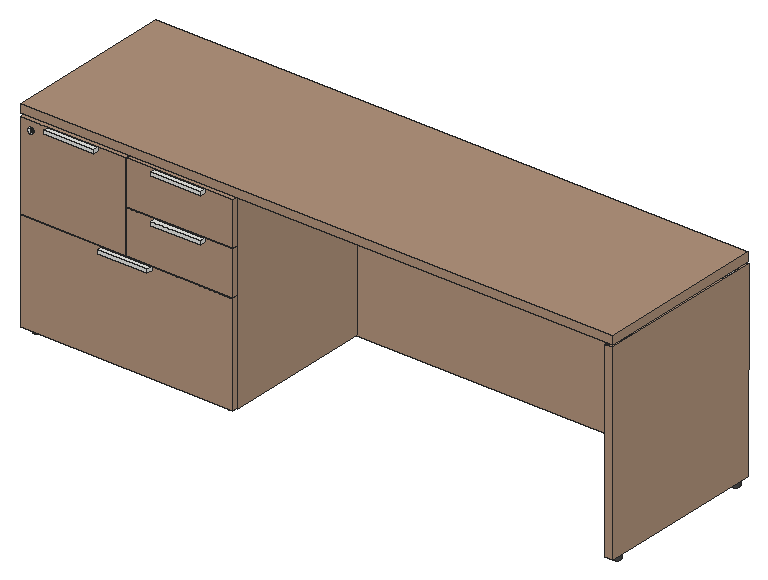
Revit family "Returns_&_Credenzas-Teknion-B_ZUC_Credenza_With_Single_Combo_Pedestal-R2019", category Furniture, Revit 2019
Family settings
  OmniClass Number = 23.40.20.00
  OmniClass Title = General Furniture and Specialties
  Work Plane-Based = No
  Always vertical = Yes
  Cut with Voids When Loaded = No
  Shared = Yes
  Room Calculation Point = No
Parameters (values of type "1 3/16" Worksurface Thickness, Flush, Full Modesty Panel")
  Worksurface Thickness = 1.189"
  Worksurface Finish [instance] = Source Laminate - Teknion - 3M - Provincial Oak
  Width [instance] = 84.000"
  Warranty = "http://www.teknion.com/ca/papers/legal-canada"
  Unit Weight URL = "http://www.teknion.com/ca/tools/assets#&asset=bee6a381-b954-425e-8283-5a2de3a804f2,f828d448-4b62-4231-9e5f-9a8991c0ed77"
  URL = "www.teknion.com"
  To render please download texture images found here [instance] = "https://assets.teknion.com/web/5e81352c1dfdb467/revit-material-swatches/"
  Sustainability Data = "https://www.teknion.com/ca/tools/assets#&topic=216f99a5-57a0-44fc-b10a-9dee9b29ae4c&asset=444deb64-fe58-4b68-981e-f75e97781df7,b4ff2d81-9f2e-437d-9659-7cffb09c31cf"
  Series = "Expansion Casegoods"  # constant formula
  Rectangular Grommet [instance] = no
  Product Page URL = "https://www.teknion.com/ca/products/product-details?productLineId=0053336e-8e7a-673b-a6c8-ff00004460c4"
  Product Line = "Expansion Casegoods"  # constant formula
  Product Documentation Link = "https://www.teknion.com/pricing/expansion-casegoods/pdfs/B_ZUC_ppg.pdf"
  Part Number = "B_ZUC"  # constant formula
  No Grommet Option [instance] = not(or(Elliptical Grommet, Rectangular Grommet))  # yes
  Modesty Panel Height = 0.602"
  Modesty Panel Grommet [instance] = and(not(No Grommet Option), Modesty Panel Height = 0.602")  # no
  Model = "BMZUC1______"
  Manufacturer Phone = "416-661-3370"  # constant formula
  Manufacturer Fax = "416.661.4586"  # constant formula
  Manufacturer Contact Information = "http://www.teknion.com/ca/contactus"
  Manufacturer Address = "1150 Flint Road, Toronto, ON. M3J 2J5. Canada"  # constant formula
  Manufacturer = "Teknion"  # constant formula
  How To Use Teknion Materials User Guide [instance] = "https://assets.teknion.com/m/205dd0a49fa58060/original/How-to-add-a-Material-Library-and-Texture-Images-to-your-Revit-project.pdf"
  Height = 28.996"
  Hardware and Pull Finish [instance] = Paint-Teknion-20-T-Foundation-Atrium White
  Grommet Options [instance] = "Select one of the options below"  # constant formula
  Grommet Finish [instance] = Paint - Teknion - Mica - Very White
  For Additional Finishes please visit [instance] = "https://assets.teknion.com/m/44a8009b046e5d47/original/Teknion_Materials_Library.zip"
  Elliptical Grommet [instance] = no
  Drawer Front Finish [instance] = Source Laminate - Teknion - 3M - Provincial Oak
  Description = "Credenza with Single Combo Pedestal, 1 3/16\" Worksurface Thickness, Flush, Full Modesrty Panel"
  Depth [instance] = 24.000"
  Case, Modesty Panel and Gable Finish [instance] = Source Laminate - Teknion - 3M - Provincial Oak
  Available Widths [instance] = "60\", 66\", 72\", 78\", or 84\""  # constant formula
  Available Depths [instance] = "18\", or 24\""  # constant formula
  Assembly Code = "E2020200"
  Actual Width [instance] = if(Width = 60.000", 59.701", if(Width = 66.000", 65.669", if(Width = 72.000", 71.642", if(Width = 78.000", 77.610", 83.579"))))  # 83.579"
Types (7): name | Worksurface Thickness | Modesty Panel Height | Model | Height | Description
  (no name) | 1.189" | 0.602" | "BMZUC1______" | 28.996" | "Credenza with Single Combo Pedestal, 1 3/16\" Worksurface Thickness, Flush, Full Modesrty Panel"
  1 3/16" Worksurface Thickness, Flush, Full Modesty Panel | 1.189" | 0.602" | "BMZUC1______" | 28.996" | "Credenza with Single Combo Pedestal, 1 3/16\" Worksurface Thickness, Flush, Full Modesrty Panel"
  1 3/16" Worksurface Thickness, Wall Access Modesty Panel | 1.189" | 20.354" | "BMZUC9______" | 28.996" | "Credenza with Single Combo Pedestal, 1 3/16\" Worksurface Thickness, Wall Access Modesrty Panel"
  1 9/16" Worksurface Thickness, Wall Access Modesty Panel | 1.555" | 20.354" | "BXZUC9______" | 29.362" | "Credenza with Single Combo Pedestal, 1 9/16\" Worksurface Thickness, Wall Access Modesrty Panel"
  1 9/16" Worksurface Thickness, Flush, Full Modesty Panel | 1.555" | 0.602" | "BXZUC1______" | 29.362" | "Credenza with Single Combo Pedestal, 1 9/16\" Worksurface Thickness, Flush, Full Modesrty Panel"
  1" Worksurface Thickness, Flush, Full Modesty Panel | 1.016" | 0.602" | "BDZUC1______" | 28.823" | "Credenza with Single Combo Pedestal, 1\" Worksurface Thickness, Flush, Full Modesrty Panel"
  1" Worksurface Thickness, Wall Access Modesty Panel | 1.016" | 20.354" | "BDZUC9______" | 28.823" | "Credenza with Single Combo Pedestal, 1\" Worksurface Thickness, Wall Access Modesrty Panel"
Reference planes (in)
  plane 1 "Center Front/Back": y = 0
  plane 2: z = 0
  plane 3 "Center Left/Right": x = 0
  plane 4 "Left": x = -41.7895
  plane 5 "Right": x = 41.7895
  plane 6 "Back": y = 12
  plane 7 "Front": y = -12
  plane 8 "Top": z = 28.996
  plane 9: x = 14.49225
  plane 10: x = 40.77375
  plane 11: x = -11.78924
Forms (in)
  Sweep 1, solid, material "Source Laminate - Teknion - 3M - Provincial Oak" <- "Case, Modesty Panel and Gable Finish"
    path origin (0, 0, 0) x (1, 0, 0) y (0, 0, 1)
      loop
        line (0, 27.53543) -> (0, 0.60236)
    profile origin (0, 0, 14.0689) x (0, -1, 0) y (1, 0, 0)
      loop
        line (-12, 40.77375) -> (12, 40.77375) -> (12, 41.7895) -> (-12, 41.7895) -> (-12, 40.77375)
  Sweep 2, solid, material "Source Laminate - Teknion - 3M - Provincial Oak" <- "Case, Modesty Panel and Gable Finish"
    path origin (0, 0, 0) x (1, 0, 0) y (0, 0, 1)
      loop
        line (0, 0.60236) -> (0, 27.48031)
    profile origin (0, 0, 14.04134) x (-1, 0, 0) y (0, -1, 0)
      loop
        line (11.78924, -12) -> (41.7895, -12) -> (41.7895, 11.16142) -> (11.78924, 11.16142) -> (11.78924, -12)
  Sweep 3, solid, material "Source Laminate - Teknion - 3M - Provincial Oak" <- "Case, Modesty Panel and Gable Finish"
    path origin (0, 0, 0) x (1, 0, 0) y (0, 0, 1)
      loop
        line (0, 0.602) -> (0, 27.48031)
    profile origin (0, 0, 14.04116) x (-1, 0, 0) y (0, -1, 0)
      loop
        line (11.78924, -10.86614) -> (11.78924, -9.85039) -> (-40.77375, -9.85039) -> (-40.77375, -10.86614) -> (11.78924, -10.86614)
  Sweep 4, solid, material "Source Laminate - Teknion - 3M - Provincial Oak" <- "Worksurface Finish"
    path origin (0, 0, 0) x (1, 0, 0) y (0, 0, 1)
      loop
        line (0, 28.996) -> (0, 27.807)
    profile origin (0, 0, 28.4015) x (0, -1, 0) y (1, 0, 0)
      loop
        line (12, -41.7895) -> (12, 41.7895) -> (-12, 41.7895) -> (-12, -41.7895) -> (12, -41.7895)
  Sweep 5, solid, material "Source Laminate - Teknion - 3M - Provincial Oak" <- "Case, Modesty Panel and Gable Finish"
    path origin (0, 0, 0) x (1, 0, 0) y (0, 0, 1)
      loop
        line (0, 27.48031) -> (0, 27.807)
    profile origin (0, 0, 27.64366) x (-1, 0, 0) y (0, -1, 0)
      loop
        line (41.00184, -11.35039) -> (41.00184, 10.37402) -> (12.57664, 10.37402) -> (12.57664, -11.35039) -> (41.00184, -11.35039)
  Sweep 6, solid, material "Source Laminate - Teknion - 3M - Provincial Oak" <- "Drawer Front Finish"
    path origin (0, 0, 0) x (1, 0, 0) y (0, 1, 0)
      loop
        line (0, -12) -> (0, -11.29921)
    profile origin (0, -11.64961, 0) x (-1, 0, 0) y (0, 0, 1)
      loop
        line (26.84829, 27.36221) -> (26.84829, 15) -> (41.7895, 15) -> (41.7895, 27.36221) -> (26.84829, 27.36221)
      loop
        line (41.7895, 14.88189) -> (11.78924, 14.88189) -> (11.78924, 0.72047) -> (41.7895, 0.72047) -> (41.7895, 14.88189)
      loop
        line (11.78924, 21.12205) -> (11.78924, 15) -> (26.73019, 15) -> (26.73019, 21.12205) -> (11.78924, 21.12205)
      loop
        line (26.73019, 21.24016) -> (26.73019, 27.36221) -> (11.78924, 27.36221) -> (11.78924, 21.24016) -> (26.73019, 21.24016)
  Sweep 7, solid, material "Paint-Teknion-20-T-Foundation-Atrium White" <- "Hardware and Pull Finish"
    path origin (0, 0, 0) x (1, 0, 0) y (0, 1, 0)
      loop
        line (0, -12.75197) -> (0, -12)
    profile origin (0, -12.37598, 0) x (-1, 0, 0) y (0, 0, 1)
      loop
        line (37.81877, 26.84252) -> (37.81877, 27.34252) -> (30.81876, 27.34252) -> (30.81876, 26.84252) -> (37.81877, 26.84252)
      loop
        line (22.75972, 26.84252) -> (22.75972, 27.34252) -> (15.75971, 27.34252) -> (15.75971, 26.84252) -> (22.75972, 26.84252)
      loop
        line (22.75972, 20.60236) -> (22.75972, 21.10236) -> (15.75971, 21.10236) -> (15.75971, 20.60236) -> (22.75972, 20.60236)
      loop
        line (30.28924, 14.36221) -> (30.28924, 14.8622) -> (23.28924, 14.8622) -> (23.28924, 14.36221) -> (30.28924, 14.36221)
  Sweep 8, solid, material "Metal - Teknion - C6 - Chrome"
    path origin (0, 0, 0) x (1, 0, 0) y (0, 1, 0)
      loop
        line (0, -12.05905) -> (0, -12)
    profile origin (0, -12.02953, 0) x (-1, 0, 0) y (0, 0, 1)
      loop
        line (40.32271, 26.28937) -> (40.22428, 26.28937) -> (40.22428, 25.91535) -> (40.32271, 25.91535) -> (40.32271, 26.28937)
      loop
        circle (40.27349, 26.10236) r 0.3937
  Sweep 9, solid, material "Paint-Teknion-20-T-Foundation-Atrium White" <- "Hardware and Pull Finish"
    path origin (0, 0, 0) x (1, 0, 0) y (0, 0, 1)
      loop
        line (0, 27.53543) -> (0, 27.807)
    profile origin (0, 0, 27.67122) x (-1, 0, 0) y (0, -1, 0)
      loop
        spline (-40.77375, -11.71364) -> (-40.5483, -11.6246) -> (-40.33822, -11.36353) -> (-40.15781, -10.94824) -> (-40.01938, -10.40702) -> (-39.93236, -9.77675) -> (-39.90268, -9.10039) -> (-39.93236, -8.42404) -> (-40.01938, -7.79377) -> (-40.15781, -7.25255) -> (-40.33822, -6.83726) -> (-40.5483, -6.57619) -> (-40.77375, -6.48715)
        spline (-40.77375, -6.48715) -> (-40.9992, -6.57619) -> (-41.20929, -6.83726) -> (-41.38969, -7.25255) -> (-41.52812, -7.79377) -> (-41.61514, -8.42404) -> (-41.64482, -9.10039) -> (-41.61514, -9.77675) -> (-41.52812, -10.40702) -> (-41.38969, -10.94824) -> (-41.20929, -11.36353) -> (-40.9992, -11.6246) -> (-40.77375, -11.71364)
      loop
        spline (-40.77375, 11.71364) -> (-40.9992, 11.6246) -> (-41.20929, 11.36353) -> (-41.38969, 10.94824) -> (-41.52812, 10.40702) -> (-41.61514, 9.77675) -> (-41.64482, 9.10039) -> (-41.61514, 8.42404) -> (-41.52812, 7.79377) -> (-41.38969, 7.25255) -> (-41.20929, 6.83726) -> (-40.9992, 6.57619) -> (-40.77375, 6.48715)
        spline (-40.77375, 6.48715) -> (-40.5483, 6.57619) -> (-40.33822, 6.83726) -> (-40.15781, 7.25255) -> (-40.01938, 7.79377) -> (-39.93236, 8.42404) -> (-39.90268, 9.10039) -> (-39.93236, 9.77675) -> (-40.01938, 10.40702) -> (-40.15781, 10.94824) -> (-40.33822, 11.36353) -> (-40.5483, 11.6246) -> (-40.77375, 11.71364)
  Sweep 10, solid, material "Plastic - Teknion - E - Ebony"
    path origin (0, 0, 0) x (1, 0, 0) y (0, 0, 1)
      loop
        line (0, 0.60236) -> (0, 0)
    profile origin (0, 0, 0.30118) x (0, -1, 0) y (1, 0, 0)
      loop
        circle (10.48031, 41.28163) r 0.5
      loop
        circle (-10.48031, 41.28163) r 0.5
      loop
        circle (10.61024, -40.5294) r 0.5
      loop
        circle (-10.74803, -40.5294) r 0.5
      loop
        circle (10.61024, -13.04908) r 0.5
      loop
        circle (-10.74803, -13.04908) r 0.5
  Sweep 11, solid, material "Paint - Teknion - Mica - Very White" <- "Grommet Finish", visible <- "Rectangular Grommet"
    path origin (0, 0, 0) x (1, 0, 0) y (0, 0, 1)
      loop
        line (0, 28.996) -> (0, 29.15331)
    profile origin (0, 0, 29.07466) x (-1, 0, 0) y (0, -1, 0)
      loop
        line (-33.46234, -10.10707) -> (-33.46234, -7.26301) -> (-37.26943, -7.26301) -> (-37.26943, -8.47237) -> (-34.98983, -8.47237) -> (-34.98983, -8.89771) -> (-37.26943, -8.89771) -> (-37.26943, -10.10707) -> (-33.46234, -10.10707)
  Sweep 12, solid, material "Paint - Teknion - Mica - Very White" <- "Grommet Finish", visible <- "Rectangular Grommet"
    path origin (0, 0, 0) x (1, 0, 0) y (0, 0, 1)
      loop
        line (0, 28.996) -> (0, 29.15331)
    profile origin (0, 0, 29.07466) x (-1, 0, 0) y (0, -1, 0)
      loop
        line (-37.26943, -10.10707) -> (-37.26943, -7.26301) -> (-40.11666, -7.26301) -> (-40.11666, -10.10707) -> (-37.26943, -10.10707)
  Sweep 13, solid, material "Paint - Teknion - Mica - Very White" <- "Grommet Finish", visible <- "Elliptical Grommet"
    path origin (0, 0, 0) x (1, 0, 0) y (0, 0, 1)
      loop
        line (0, 29.12084) -> (0, 28.996)
    profile origin (0, 0, 29.05842) x (0, -1, 0) y (1, 0, 0)
      loop
        spline (-8.68504, 39.65585) -> (-9.00856, 39.55818) -> (-9.31004, 39.27183) -> (-9.56892, 38.81632) -> (-9.76757, 38.22268) -> (-9.89245, 37.53137) -> (-9.93504, 36.7895) -> (-9.89245, 36.04763) -> (-9.76757, 35.35632) -> (-9.56892, 34.76268) -> (-9.31004, 34.30717) -> (-9.00856, 34.02082) -> (-8.68504, 33.92315)
        spline (-8.68504, 33.92315) -> (-8.36152, 34.02082) -> (-8.06004, 34.30717) -> (-7.80116, 34.76268) -> (-7.60251, 35.35632) -> (-7.47763, 36.04763) -> (-7.43504, 36.7895) -> (-7.47763, 37.53137) -> (-7.60251, 38.22268) -> (-7.80116, 38.81632) -> (-8.06004, 39.27183) -> (-8.36152, 39.55818) -> (-8.68504, 39.65585)
      loop
        line (-8.26293, 36.14003) -> (-7.89191, 34.89522) -> (-7.6194, 36.14831) -> (-7.6194, 37.43069) -> (-7.89191, 38.68378) -> (-8.26293, 37.43897) -> (-8.26293, 36.14003)
      loop
        line (-9.47817, 34.89522) -> (-9.10715, 36.14003) -> (-9.10715, 37.43897) -> (-9.47817, 38.68378) -> (-9.75068, 37.43069) -> (-9.75068, 36.14831) -> (-9.47817, 34.89522)
  Sweep 14, solid, material "Paint - Teknion - Mica - Very White" <- "Grommet Finish", visible <- "Modesty Panel Grommet"
    path origin (0, 0, 0) x (1, 0, 0) y (0, 1, 0)
      loop
        line (14.49225, 10.86614) -> (14.49225, 10.99114)
    profile origin (14.49225, 10.92864, 0) x (-1, 0, 0) y (0, 0, 1)
      loop
        spline (-2.86635, 24) -> (-2.76868, 23.69466) -> (-2.48233, 23.41012) -> (-2.02682, 23.16578) -> (-1.43318, 22.9783) -> (-0.74187, 22.86044) -> (0, 22.82024) -> (0.74187, 22.86044) -> (1.43318, 22.9783) -> (2.02682, 23.16578) -> (2.48233, 23.41012) -> (2.76868, 23.69466) -> (2.86635, 24)
        spline (2.86635, 24) -> (2.76868, 24.30534) -> (2.48233, 24.58988) -> (2.02682, 24.83422) -> (1.43318, 25.0217) -> (0.74187, 25.13956) -> (0, 25.17976) -> (-0.74187, 25.13956) -> (-1.43318, 25.0217) -> (-2.02682, 24.83422) -> (-2.48233, 24.58988) -> (-2.76868, 24.30534) -> (-2.86635, 24)
      loop
        arc (1.89428, 24.79313) -> (0, 25.06564) -> (-1.89428, 24.79313) r 6.71994
        arc (-1.89428, 24.79313) -> (0, 24.42212) -> (1.89428, 24.79313) r 5.02135
      loop
        arc (1.89428, 23.20687) -> (0, 23.57941) -> (-1.89428, 23.20687) r 5.00236
        arc (-1.89428, 23.20687) -> (0, 22.93436) -> (1.89428, 23.20687) r 6.71998
Lines and regions (in)
  Masking region 1
    outline origin (0, 0, 0) x (1, 0, 0) y (0, 1, 0)
      loop
        line (-41.7895, 12) -> (-41.7895, -12) -> (41.7895, -12) -> (41.7895, 12) -> (-41.7895, 12)
  Masking region 2
    outline origin (0, 0, 0) x (1, 0, 0) y (0, 1, 0)
      loop
        line (-37.81877, -12.75197) -> (-30.81876, -12.75197) -> (-30.81876, -12) -> (-37.81877, -12) -> (-37.81877, -12.75197)
      loop
        line (-30.28924, -12.75197) -> (-23.28924, -12.75197) -> (-23.28924, -12) -> (-30.28924, -12) -> (-30.28924, -12.75197)
      loop
        line (-22.75972, -12.75197) -> (-15.75971, -12.75197) -> (-15.75971, -12) -> (-22.75972, -12) -> (-22.75972, -12.75197)
  symbolic lines, style "FurnitureHiddenLines", detail levels medium+fine
    curve 1: line (-11.78924, -11.16142, 0) -> (-11.78924, 12, 0)
    curve 2: line (-41.7895, -11.16142, 0) -> (-11.78924, -11.16142, 0)
    curve 3: line (-11.78924, -12, 0) -> (-11.78924, -11.29921, 0)
    curve 4: line (-11.78924, -11.29921, 0) -> (-41.7895, -11.29921, 0)
    curve 5: line (-26.73019, -11.29921, 0) -> (-26.73019, -12, 0)
    curve 6: line (-26.84829, -12, 0) -> (-26.84829, -11.29921, 0)
    curve 7: line (-11.78924, 9.85039, 0) -> (40.77375, 9.85039, 0)
    curve 8: line (40.77375, 10.86614, 0) -> (-11.78924, 10.86614, 0)
    curve 9: line (40.77375, 12, 0) -> (40.77375, -12, 0)
    curve 10: spline (40.77375, 6.48715, 0) -> (40.9992, 6.57619, 0) -> (41.20929, 6.83726, 0) -> (41.38969, 7.25255, 0) -> (41.52812, 7.79377, 0) -> (41.61514, 8.42404, 0) -> (41.64482, 9.10039, 0) -> (41.61514, 9.77675, 0) -> (41.52812, 10.40702, 0) -> (41.38969, 10.94824, 0) -> (41.20929, 11.36353, 0) -> (40.9992, 11.6246, 0) -> (40.77375, 11.71364, 0)
    curve 11: spline (40.77375, 11.71364, 0) -> (40.5483, 11.6246, 0) -> (40.33822, 11.36353, 0) -> (40.15781, 10.94824, 0) -> (40.01938, 10.40702, 0) -> (39.93236, 9.77675, 0) -> (39.90268, 9.10039, 0) -> (39.93236, 8.42404, 0) -> (40.01938, 7.79377, 0) -> (40.15781, 7.25255, 0) -> (40.33822, 6.83726, 0) -> (40.5483, 6.57619, 0) -> (40.77375, 6.48715, 0)
    curve 12: spline (40.77375, -11.71364, 0) -> (40.9992, -11.6246, 0) -> (41.20929, -11.36353, 0) -> (41.38969, -10.94824, 0) -> (41.52812, -10.40702, 0) -> (41.61514, -9.77675, 0) -> (41.64482, -9.10039, 0) -> (41.61514, -8.42404, 0) -> (41.52812, -7.79377, 0) -> (41.38969, -7.25255, 0) -> (41.20929, -6.83726, 0) -> (40.9992, -6.57619, 0) -> (40.77375, -6.48715, 0)
    curve 13: spline (40.77375, -6.48715, 0) -> (40.5483, -6.57619, 0) -> (40.33822, -6.83726, 0) -> (40.15781, -7.25255, 0) -> (40.01938, -7.79377, 0) -> (39.93236, -8.42404, 0) -> (39.90268, -9.10039, 0) -> (39.93236, -9.77675, 0) -> (40.01938, -10.40702, 0) -> (40.15781, -10.94824, 0) -> (40.33822, -11.36353, 0) -> (40.5483, -11.6246, 0) -> (40.77375, -11.71364, 0)
    curve 26: line (-41.00184, 11.35039, 0) -> (-41.00184, -10.37402, 0)
    curve 27: line (-41.00184, -10.37402, 0) -> (-12.57664, -10.37402, 0)
    curve 28: line (-12.57664, -10.37402, 0) -> (-12.57664, 11.35039, 0)
    curve 29: line (-12.57664, 11.35039, 0) -> (-41.00184, 11.35039, 0)
  symbolic lines, style "FurnitureHiddenLines", detail levels fine
    curve 14: arc (-40.5294, 10.24803, 0) -> (-40.0294, 10.74803, 0) -> (-40.5294, 11.24803, 0) r 0.5
    curve 15: arc (-40.5294, 11.24803, 0) -> (-41.0294, 10.74803, 0) -> (-40.5294, 10.24803, 0) r 0.5
    curve 16: arc (-13.04908, 11.24803, 0) -> (-13.54908, 10.74803, 0) -> (-13.04908, 10.24803, 0) r 0.5
    curve 17: arc (-13.04908, 10.24803, 0) -> (-12.54908, 10.74803, 0) -> (-13.04908, 11.24803, 0) r 0.5
    curve 18: arc (-13.04908, -10.11024, 0) -> (-13.54908, -10.61024, 0) -> (-13.04908, -11.11024, 0) r 0.5
    curve 19: arc (-13.04908, -11.11024, 0) -> (-12.54908, -10.61024, 0) -> (-13.04908, -10.11024, 0) r 0.5
    curve 20: arc (-40.5294, -10.11024, 0) -> (-41.0294, -10.61024, 0) -> (-40.5294, -11.11024, 0) r 0.5
    curve 21: arc (-40.5294, -11.11024, 0) -> (-40.0294, -10.61024, 0) -> (-40.5294, -10.11024, 0) r 0.5
    curve 22: arc (41.28163, -9.98032, 0) -> (40.78163, -10.48031, 0) -> (41.28163, -10.98031, 0) r 0.5
    curve 23: arc (41.28163, -10.98031, 0) -> (41.78163, -10.48031, 0) -> (41.28163, -9.98032, 0) r 0.5
    curve 24: arc (41.28163, 10.98031, 0) -> (40.78163, 10.48031, 0) -> (41.28163, 9.98032, 0) r 0.5
    curve 25: arc (41.28163, 9.98032, 0) -> (41.78163, 10.48031, 0) -> (41.28163, 10.98031, 0) r 0.5
  symbolic lines, visible <- "Rectangular Grommet"
    curve 30: line (33.46234, 10.10707, 0) -> (40.11666, 10.10707, 0)
    curve 31: line (33.46234, 7.26301, 0) -> (33.46234, 10.10707, 0)
    curve 32: line (40.11666, 7.26301, 0) -> (33.46234, 7.26301, 0)
    curve 33: line (40.11666, 10.10707, 0) -> (40.11666, 7.26301, 0)
    curve 34: line (37.26943, 10.10707, 0) -> (37.26943, 7.26301, 0)
    curve 35: line (34.98983, 8.89771, 0) -> (37.26943, 8.89771, 0)
    curve 36: line (37.26943, 8.47237, 0) -> (34.98983, 8.47237, 0)
    curve 37: line (34.98983, 8.47237, 0) -> (34.98983, 8.89771, 0)
  symbolic lines, visible <- "Elliptical Grommet"
    curve 38: spline (39.65585, 8.68504, 0) -> (39.55818, 9.00856, 0) -> (39.27183, 9.31004, 0) -> (38.81632, 9.56892, 0) -> (38.22268, 9.76757, 0) -> (37.53137, 9.89245, 0) -> (36.7895, 9.93504, 0) -> (36.04763, 9.89245, 0) -> (35.35632, 9.76757, 0) -> (34.76268, 9.56892, 0) -> (34.30717, 9.31004, 0) -> (34.02082, 9.00856, 0) -> (33.92315, 8.68504, 0)
    curve 39: spline (33.92315, 8.68504, 0) -> (34.02082, 8.36152, 0) -> (34.30717, 8.06004, 0) -> (34.76268, 7.80116, 0) -> (35.35632, 7.60251, 0) -> (36.04763, 7.47763, 0) -> (36.7895, 7.43504, 0) -> (37.53137, 7.47763, 0) -> (38.22268, 7.60251, 0) -> (38.81632, 7.80116, 0) -> (39.27183, 8.06004, 0) -> (39.55818, 8.36152, 0) -> (39.65585, 8.68504, 0)
    curve 40: line (34.89522, 9.47817, 0) -> (36.14831, 9.75068, 0)
    curve 41: line (36.14831, 9.75068, 0) -> (37.43069, 9.75068, 0)
    curve 42: line (37.43069, 9.75068, 0) -> (38.68378, 9.47817, 0)
    curve 43: line (38.68378, 9.47817, 0) -> (37.43897, 9.10715, 0)
    curve 44: line (37.43897, 9.10715, 0) -> (36.14003, 9.10715, 0)
    curve 45: line (36.14003, 9.10715, 0) -> (34.89522, 9.47817, 0)
    curve 46: line (34.89522, 7.89191, 0) -> (36.14003, 8.26293, 0)
    curve 47: line (36.14003, 8.26293, 0) -> (37.43897, 8.26293, 0)
    curve 48: line (37.43897, 8.26293, 0) -> (38.68378, 7.89191, 0)
    curve 49: line (38.68378, 7.89191, 0) -> (37.43069, 7.6194, 0)
    curve 50: line (37.43069, 7.6194, 0) -> (36.14831, 7.6194, 0)
    curve 51: line (36.14831, 7.6194, 0) -> (34.89522, 7.89191, 0)
  reference lines
    curve 52: line (-41.7895, 12, 0) -> (41.7895, 12, 0)
    curve 53: line (-41.7895, 12, 0) -> (-41.7895, -12, 0)
    curve 54: line (-41.7895, -12, 0) -> (41.7895, -12, 0)
    curve 55: line (41.7895, 12, 0) -> (41.7895, -12, 0)
  symbolic lines, style "FurnitureHiddenLines", visible <- "Modesty Panel Grommet", detail levels fine
    curve 56: line (17.35861, 10.99114, 0) -> (11.6259, 10.99114, 0)
    curve 57: line (17.35861, 10.99114, 0) -> (17.35861, 10.86614, 0)
    curve 58: line (11.6259, 10.99114, 0) -> (11.6259, 10.86614, 0)
Dimensions and locks (in)
  "Actual Width": plane 4 "Left" to plane 5 "Right"
  "Depth": plane 6 "Back" to plane 7 "Front"
  "Height": plane 8 "Top" to level
  equal spacing: plane 4 "Left", plane 3 "Center Left/Right", plane 5 "Right"
  equal spacing: plane 6 "Back", plane 1 "Center Front/Back", plane 7 "Front"
  Sweep 1 sketch curve to Sweep 1 sketch curve to level = 26.93307" locked, 0.60236" locked
  locked: Sweep 1 sketch curve to plane 5 "Right" at 1.01575
  Sweep 2 sketch curve to Sweep 2 sketch curve to level = 26.87795" locked, 0.60236" locked
  locked: plane 4 "Left" to Sweep 2 sketch curve at 30.00026
  locked: plane 7 "Front" to Sweep 2 sketch curve at 0.83858
  locked: Sweep 3 sketch curve to level at 27.48031
  "Modesty Panel Height": Sweep 3 sketch curve to level
  locked: Sweep 3 sketch curve to plane 5 "Right" at 1.01575
  locked: plane 4 "Left" to Sweep 3 sketch curve at 30.00026
  plane 6 "Back" to Sweep 3 sketch curve to Sweep 3 sketch curve = 1.13386" locked, 1.01575" locked
  "Worksurface Thickness": Sweep 4 sketch curve to Sweep 4 sketch curve
  locked: plane 8 "Top" to Sweep 4 sketch curve at 0
  Sweep 5 sketch curve to Sweep 5 sketch curve to level = 0.32669" locked, 27.48031" locked
  locked: plane 6 "Back" to Sweep 5 sketch curve at 0.64961
  plane 4 "Left" to Sweep 5 sketch curve to Sweep 5 sketch curve = 0.78766" locked, 28.4252" locked
  locked: plane 7 "Front" to Sweep 5 sketch curve at 1.62598
  Sweep 6 sketch curve to Sweep 6 sketch curve to plane 7 "Front" = 0.70079" locked, 0.000" locked
  Sweep 6 sketch curve to Sweep 6 sketch curve to Sweep 6 sketch curve to Sweep 6 sketch curve to Sweep 6 sketch curve to Sweep 6 sketch curve to plane 4 "Left" to Sweep 6 sketch curve to Sweep 6 sketch curve = 0.000" locked, 0.000" locked, 14.94094" locked, 0.000" locked, 0.11811" locked, 14.94121" locked, 0.000" locked, 0.000" locked
  Sweep 6 sketch curve to Sweep 6 sketch curve to Sweep 6 sketch curve to Sweep 6 sketch curve to Sweep 6 sketch curve to Sweep 6 sketch curve to Sweep 6 sketch curve to Sweep 6 sketch curve to level = 0.000" locked, 6.12205" locked, 0.11811" locked, 6.12205" locked, 0.000" locked, 0.11811" locked, 14.16142" locked, 0.72047" locked
  Sweep 7 sketch curve to Sweep 7 sketch curve to plane 7 "Front" = 0.75197" locked, 0.000" locked
  Sweep 7 sketch curve to Sweep 7 sketch curve to Sweep 7 sketch curve to Sweep 7 sketch curve to Sweep 7 sketch curve to Sweep 7 sketch curve to Sweep 7 sketch curve to Sweep 7 sketch curve to level = 0.000" locked, 0.500" locked, 0.000" locked, 5.74016" locked, 0.500" locked, 5.74016" locked, 0.500" locked, 14.36221" locked
  Sweep 7 sketch curve to Sweep 7 sketch curve to Sweep 7 sketch curve to Sweep 7 sketch curve to Sweep 7 sketch curve to Sweep 7 sketch curve to Sweep 7 sketch curve to Sweep 7 sketch curve to plane 4 "Left" = 0.000" locked, 7.000" locked, 0.000" locked, 0.52952" locked, 7.000" locked, 0.52952" locked, 7.000" locked, 3.97073" locked
  Sweep 8 sketch curve to plane 7 "Front" to Sweep 8 sketch curve = 0.000" locked, 0.05905" locked
  Sweep 8 sketch curve to Sweep 8 sketch curve to Sweep 8 sketch curve to level = 0.18701" locked, 0.18701" locked, 25.91535" locked
  Sweep 8 sketch curve to Sweep 8 sketch curve to Sweep 8 sketch curve to plane 4 "Left" = 0.04921" locked, 0.04921" locked, 1.46679" locked
  Sweep 9 sketch curve to Sweep 9 sketch curve to level = 0.27157" locked, 27.53543" locked
  locked: Sweep 9 sketch curve to plane 6 "Back" at 2.89961
  Sweep 9 sketch curve to Sweep 9 sketch curve to plane 5 "Right" = 0.000" locked, 1.01575" locked
  Sweep 10 sketch curve to level to Sweep 10 sketch curve = 0.60236" locked, 0.000" locked
  plane 4 "Left" to Sweep 10 sketch curve to Sweep 10 sketch curve to Sweep 10 sketch curve to Sweep 10 sketch curve = 1.2601" locked, 0.000" locked, 27.48031" locked, 0.000" locked
  Sweep 10 sketch curve to Sweep 10 sketch curve to plane 5 "Right" = 0.000" locked, 0.50787" locked
  plane 6 "Back" to Sweep 10 sketch curve to Sweep 10 sketch curve to Sweep 10 sketch curve = 1.25197" locked, 0.000" locked, 0.26772" locked
  plane 7 "Front" to Sweep 10 sketch curve to Sweep 10 sketch curve to Sweep 10 sketch curve = 1.38976" locked, 0.000" locked, 0.12992" locked
  Sweep 11 sketch curve to Sweep 11 sketch curve to plane 8 "Top" = 0.15731" locked, 0.000" locked
  Sweep 11 sketch curve to Sweep 11 sketch curve to Sweep 11 sketch curve to Sweep 11 sketch curve to plane 5 "Right" = 1.52748" locked, 2.2796" locked, 0.000" locked, 4.52007" locked
  plane 6 "Back" to Sweep 11 sketch curve to Sweep 11 sketch curve to Sweep 11 sketch curve to Sweep 11 sketch curve = 1.89293" locked, 1.20936" locked, 0.42535" locked, 1.20936" locked
  Sweep 12 sketch curve to plane 8 "Top" to Sweep 12 sketch curve = 0.000" locked, 0.15731" locked
  Sweep 13 sketch curve to plane 8 "Top" to Sweep 13 sketch curve = 0.12484" locked, 0.000" locked
  Sweep 13 sketch curve to Sweep 13 sketch curve to Sweep 13 sketch curve to Sweep 13 sketch curve to Sweep 13 sketch curve to Sweep 13 sketch curve to Sweep 13 sketch curve to Sweep 13 sketch curve to Sweep 13 sketch curve to Sweep 13 sketch curve to Sweep 13 sketch curve to Sweep 13 sketch curve to Sweep 13 sketch curve to plane 5 "Right" = 0.000" locked, 1.24482" locked, 0.000" locked, 0.00827" locked, 0.000" locked, 0.64119" locked, 0.64119" locked, 0.000" locked, 0.00827" locked, 0.000" locked, 1.24482" locked, 0.000" locked, 3.10572" locked
  plane 6 "Back" to Sweep 13 sketch curve to Sweep 13 sketch curve to Sweep 13 sketch curve to Sweep 13 sketch curve to Sweep 13 sketch curve to Sweep 13 sketch curve to Sweep 13 sketch curve to Sweep 13 sketch curve to Sweep 13 sketch curve = 2.24932" locked, 0.27251" locked, 0.000" locked, 0.37101" locked, 0.42211" locked, 0.42211" locked, 0.37101" locked, 0.000" locked, 0.27251" locked
  locked: curve 12 to plane 5 "Right" at 1.01575
  locked: plane 7 "Front" to curve 13 at 2.89961
  locked: plane 6 "Back" to curve 11 at 2.89961
  locked: curve 10 to plane 5 "Right" at 1.01575
  Sweep 12 sketch curve to Sweep 12 sketch curve to plane 5 "Right" = 2.84723" locked, 1.67284" locked
  Sweep 12 sketch curve to Sweep 12 sketch curve to plane 6 "Back" = 2.84406" locked, 1.89293" locked
  locked: curve 38 to plane 5 "Right" at 5
  locked: plane 6 "Back" to curve 39 at 3.31496
  locked: plane 7 "Front" to Sweep 9 sketch curve at 2.89961
  plane 6 "Back" to Sweep 14 sketch curve to Sweep 14 sketch curve = 1.00886" locked, 0.125" locked
  locked: Sweep 14 sketch curve to level at 24
  Sweep 14 sketch curve to Sweep 14 sketch curve to Sweep 14 sketch curve to Sweep 14 sketch curve to level = 0.000" locked, 1.58625" locked, 0.000" locked, 23.20687" locked
  Sweep 14 sketch curve to plane 9 to Sweep 14 sketch curve = 2.86635" locked, 2.86635" locked
  Sweep 14 sketch curve to Sweep 14 sketch curve to plane 9 to Sweep 14 sketch curve to Sweep 14 sketch curve = 0.000" locked, 1.89428" locked, 1.89428" locked, 0.000" locked
  equal spacing: plane 11, plane 9, plane 10
  locked: plane 4 "Left" to plane 11 at 30.00026
  locked: plane 10 to plane 5 "Right" at 1.01575
  curve 58 to Sweep 14 to curve 57 = 0.97207" locked, 4.76064" locked
  locked: Sweep 3 to curve 58
  locked: Sweep 3 to curve 57
  aligned and locked: level to plane 2
  aligned and locked: Sweep 1 sketch curve to plane 3 "Center Left/Right"
  aligned and locked: Sweep 1 sketch curve to plane 5 "Right"
  aligned and locked: Sweep 1 sketch curve to plane 7 "Front"
  aligned and locked: Sweep 1 sketch curve to plane 6 "Back"
  aligned and locked: plane 3 "Center Left/Right" to Sweep 2 sketch curve
  aligned and locked: Sweep 2 sketch curve to plane 4 "Left"
  aligned and locked: plane 6 "Back" to Sweep 2 sketch curve
  aligned and locked: plane 3 "Center Left/Right" to Sweep 3 sketch curve
  aligned and locked: Sweep 4 sketch curve to plane 3 "Center Left/Right"
  aligned and locked: plane 6 "Back" to Sweep 4 sketch curve
  aligned and locked: Sweep 4 sketch curve to plane 5 "Right"
  aligned and locked: plane 7 "Front" to Sweep 4 sketch curve
  aligned and locked: Sweep 4 sketch curve to plane 4 "Left"
  aligned and locked: plane 3 "Center Left/Right" to Sweep 5 sketch curve
  aligned and locked: plane 3 "Center Left/Right" to Sweep 6 sketch curve
  aligned and locked: Sweep 7 sketch curve to plane 3 "Center Left/Right"
  aligned and locked: Sweep 8 sketch curve to plane 3 "Center Left/Right"
  aligned and locked: plane 3 "Center Left/Right" to Sweep 9 sketch curve
  aligned and locked: Sweep 10 sketch curve to plane 3 "Center Left/Right"
  aligned and locked: plane 3 "Center Left/Right" to Sweep 11 sketch curve
  aligned and locked: plane 3 "Center Left/Right" to Sweep 12 sketch curve
  aligned and locked: Sweep 13 sketch curve to plane 3 "Center Left/Right"
  aligned and locked: Masking region 1 sketch curve to plane 5 "Right"
  aligned and locked: Masking region 1 sketch curve to plane 6 "Back"
  aligned and locked: plane 4 "Left" to Masking region 1 sketch curve
  aligned and locked: Masking region 1 sketch curve to plane 7 "Front"
  aligned and locked: curve 1 to Sweep 2
  aligned and locked: curve 2 to Sweep 2
  aligned and locked: curve 3 to Sweep 6
  aligned and locked: curve 4 to Sweep 6
  aligned and locked: curve 5 to Sweep 6
  aligned and locked: curve 6 to Sweep 6
  aligned and locked: curve 7 to Sweep 3
  aligned and locked: curve 9 to Sweep 1
  aligned and locked: curve 14 to Sweep 10
  aligned and locked: curve 15 to Sweep 10
  aligned and locked: curve 16 to Sweep 10
  aligned and locked: curve 17 to Sweep 10
  aligned and locked: curve 18 to Sweep 10
  aligned and locked: curve 19 to Sweep 10
  aligned and locked: curve 20 to Sweep 10
  aligned and locked: curve 21 to Sweep 10
  aligned and locked: curve 22 to Sweep 10
  aligned and locked: curve 23 to Sweep 10
  aligned and locked: curve 24 to Sweep 10
  aligned and locked: curve 25 to Sweep 10
  aligned and locked: curve 26 to Sweep 5
  aligned and locked: curve 27 to Sweep 5
  aligned and locked: curve 28 to Sweep 5
  aligned and locked: curve 29 to Sweep 5
  aligned and locked: curve 30 to Sweep 11
  aligned and locked: curve 31 to Sweep 11
  aligned and locked: curve 32 to Sweep 12
  aligned and locked: curve 33 to Sweep 12
  aligned and locked: curve 34 to Sweep 12
  aligned and locked: curve 35 to Sweep 11
  aligned and locked: curve 36 to Sweep 11
  aligned and locked: curve 37 to Sweep 11
  aligned and locked: curve 46 to Sweep 13
  aligned and locked: curve 47 to Sweep 13
  aligned and locked: curve 48 to Sweep 13
  aligned and locked: curve 49 to Sweep 13
  aligned and locked: curve 50 to Sweep 13
  aligned and locked: curve 51 to Sweep 13
  aligned and locked: curve 44 to Sweep 13
  aligned and locked: curve 45 to Sweep 13
  aligned and locked: curve 43 to Sweep 13
  aligned and locked: curve 42 to Sweep 13
  aligned and locked: curve 40 to Sweep 13
  aligned and locked: curve 41 to Sweep 13
  aligned and locked: Masking region 2 sketch curve to Sweep 7  (x10)
  aligned and locked: Sweep 7 to Masking region 2 sketch curve  (x2)
  aligned and locked: curve 52 to plane 6 "Back"
  aligned and locked: curve 53 to plane 4 "Left"
  aligned and locked: plane 7 "Front" to curve 54
  aligned and locked: curve 55 to plane 5 "Right"
  aligned and locked: curve 56 to Sweep 14
Automatic sketch dimensions
  Sweep 9 sketch curve to Sweep 9 sketch curve = 2.61325"  (x2)
  Sweep 13 sketch curve to Sweep 13 sketch curve = 0.97207"
  plane 3 "Center Left/Right" to Sweep 14 sketch curve = 14.49225"
  Sweep 14 sketch curve to Sweep 14 sketch curve = 4.62983"
  Sweep 14 sketch curve to Sweep 14 sketch curve = 0.23134"
  Sweep 14 sketch curve to Sweep 14 sketch curve = 4.65034"
  Sweep 14 sketch curve to Sweep 14 sketch curve = 0.21087"
  curve 2 to plane 4 "Left" = 0.000"
  curve 4 to plane 4 "Left" = 0.000"
  curve 1 to plane 6 "Back" = 0.000"
  plane 7 "Front" to curve 5 = 0.000"
  plane 7 "Front" to curve 6 = 0.000"
  plane 7 "Front" to curve 3 = 0.000"
  plane 7 "Front" to curve 9 = 0.000"
  curve 9 to plane 6 "Back" = 0.000"
  curve 2 to curve 3 = 0.000"
  curve 39 to curve 35 = 1.06668"
  curve 13 to plane 7 "Front" = 0.28636"
  curve 11 to curve 32 = 0.77586"
  radius of Sweep 8 sketch curve = 0.3937"
  radius of Sweep 10 sketch curve = 0.500"  (x6)
